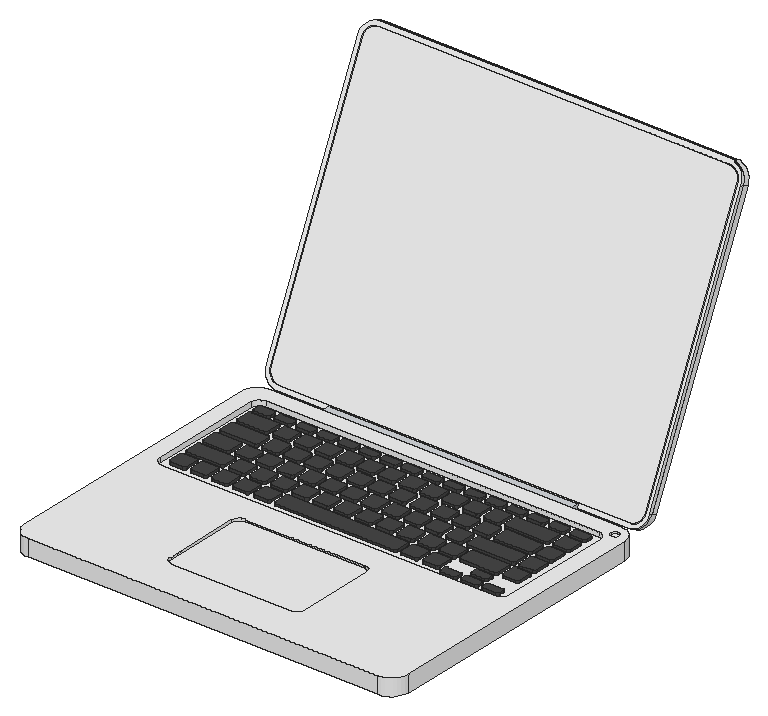
Revit family "Notebookrfa", category Generic Models, Revit 2016 (continued)
Forms (in)
  Extrusion 76, solid, material "Black Key"
    sketch origin (-11.18709, -1.625, 0.6875) x (1, 0, 0) y (0, 1, 0)
      loop
        line (5.0549, 6.08285) -> (5.0549, 5.70613)
        arc (5.0549, 5.70613) -> (5.07318, 5.66199) -> (5.11732, 5.64371) r 0.06242
        line (5.11732, 5.64371) -> (5.49166, 5.64371)
        arc (5.49166, 5.64371) -> (5.53638, 5.66223) -> (5.5549, 5.70695) r 0.06324
        line (5.5549, 5.70695) -> (5.5549, 6.08251)
        arc (5.5549, 6.08251) -> (5.53698, 6.12579) -> (5.4937, 6.14371) r 0.0612
        line (5.4937, 6.14371) -> (5.11577, 6.14371)
    from 0 to 0.0625
  Extrusion 77, solid, material "Black Key"
    sketch origin (-11.81209, -1.625, 0.6875) x (1, 0, 0) y (0, 1, 0)
      loop
        arc (5.11577, 6.14371) -> (5.07273, 6.12589) -> (5.0549, 6.08285) r 0.06086
        line (5.0549, 6.08285) -> (5.0549, 5.70613)
        arc (5.0549, 5.70613) -> (5.07318, 5.66199) -> (5.11732, 5.64371) r 0.06242
        line (5.11732, 5.64371) -> (5.49166, 5.64371)
        arc (5.49166, 5.64371) -> (5.53638, 5.66223) -> (5.5549, 5.70695) r 0.06324
        line (5.5549, 5.70695) -> (5.5549, 6.08251)
        arc (5.5549, 6.08251) -> (5.53698, 6.12579) -> (5.4937, 6.14371) r 0.0612
        line (5.4937, 6.14371) -> (5.11577, 6.14371)
    from 0 to 0.0625
  Extrusion 78, solid, material "Black Key"
    sketch origin (-9.31209, -1.625, 0.6875) x (1, 0, 0) y (0, 1, 0)
      loop
        arc (5.11577, 6.14371) -> (5.07273, 6.12589) -> (5.0549, 6.08285) r 0.06086
        line (5.0549, 6.08285) -> (5.0549, 5.70613)
        arc (5.0549, 5.70613) -> (5.07318, 5.66199) -> (5.11732, 5.64371) r 0.06242
        line (5.11732, 5.64371) -> (5.49166, 5.64371)
        arc (5.49166, 5.64371) -> (5.53638, 5.66223) -> (5.5549, 5.70695) r 0.06324
        line (5.5549, 5.70695) -> (5.5549, 6.08251)
        arc (5.5549, 6.08251) -> (5.53698, 6.12579) -> (5.4937, 6.14371) r 0.0612
        line (5.4937, 6.14371) -> (5.11577, 6.14371)
    from 0 to 0.0625
  Extrusion 79, solid, material "Black Key"
    sketch origin (-8.68709, -1.625, 0.6875) x (1, 0, 0) y (0, 1, 0)
      loop
        arc (5.11577, 6.14371) -> (5.07273, 6.12589) -> (5.0549, 6.08285) r 0.06086
        line (5.0549, 6.08285) -> (5.0549, 5.70613)
        arc (5.0549, 5.70613) -> (5.07318, 5.66199) -> (5.11732, 5.64371) r 0.06242
        line (5.11732, 5.64371) -> (5.49166, 5.64371)
        arc (5.49166, 5.64371) -> (5.53638, 5.66223) -> (5.5549, 5.70695) r 0.06324
        line (5.5549, 5.70695) -> (5.5549, 6.08251)
        arc (5.5549, 6.08251) -> (5.53698, 6.12579) -> (5.4937, 6.14371) r 0.0612
        line (5.4937, 6.14371) -> (5.11577, 6.14371)
    from 0 to 0.0625
  Extrusion 80, solid, material "Black Key"
    sketch origin (-8.06209, -1.625, 0.6875) x (1, 0, 0) y (0, 1, 0)
      loop
        arc (5.11577, 6.14371) -> (5.07273, 6.12589) -> (5.0549, 6.08285) r 0.06086
        line (5.0549, 6.08285) -> (5.0549, 5.70613)
        arc (5.0549, 5.70613) -> (5.07318, 5.66199) -> (5.11732, 5.64371) r 0.06242
        line (5.11732, 5.64371) -> (5.49166, 5.64371)
        arc (5.49166, 5.64371) -> (5.53638, 5.66223) -> (5.5549, 5.70695) r 0.06324
        line (5.5549, 5.70695) -> (5.5549, 6.08251)
        arc (5.5549, 6.08251) -> (5.53698, 6.12579) -> (5.4937, 6.14371) r 0.0612
        line (5.4937, 6.14371) -> (5.11577, 6.14371)
    from 0 to 0.0625
  Extrusion 81, solid, material "Black Key"
    sketch origin (-7.43709, -1.625, 0.6875) x (1, 0, 0) y (0, 1, 0)
      loop
        arc (5.11577, 6.14371) -> (5.07273, 6.12589) -> (5.0549, 6.08285) r 0.06086
        line (5.0549, 6.08285) -> (5.0549, 5.70613)
        arc (5.0549, 5.70613) -> (5.07318, 5.66199) -> (5.11732, 5.64371) r 0.06242
        line (5.11732, 5.64371) -> (5.49166, 5.64371)
        arc (5.49166, 5.64371) -> (5.53638, 5.66223) -> (5.5549, 5.70695) r 0.06324
        line (5.5549, 5.70695) -> (5.5549, 6.08251)
        arc (5.5549, 6.08251) -> (5.53698, 6.12579) -> (5.4937, 6.14371) r 0.0612
        line (5.4937, 6.14371) -> (5.11577, 6.14371)
    from 0 to 0.0625
  Extrusion 82, solid, material "Black Key"
    sketch origin (-6.81209, -1.625, 0.6875) x (1, 0, 0) y (0, 1, 0)
      loop
        arc (5.11577, 6.14371) -> (5.07273, 6.12589) -> (5.0549, 6.08285) r 0.06086
        line (5.0549, 6.08285) -> (5.0549, 5.70613)
        arc (5.0549, 5.70613) -> (5.07318, 5.66199) -> (5.11732, 5.64371) r 0.06242
        line (5.11732, 5.64371) -> (5.49166, 5.64371)
        arc (5.49166, 5.64371) -> (5.53638, 5.66223) -> (5.5549, 5.70695) r 0.06324
        line (5.5549, 5.70695) -> (5.5549, 6.08251)
        arc (5.5549, 6.08251) -> (5.53698, 6.12579) -> (5.4937, 6.14371) r 0.0612
        line (5.4937, 6.14371) -> (5.11577, 6.14371)
    from 0 to 0.0625
  Extrusion 83, solid, material "Black Key"
    sketch origin (-6.18709, -1.625, 0.6875) x (1, 0, 0) y (0, 1, 0)
      loop
        arc (5.11577, 6.14371) -> (5.07273, 6.12589) -> (5.0549, 6.08285) r 0.06086
        line (5.0549, 6.08285) -> (5.0549, 5.70613)
        arc (5.0549, 5.70613) -> (5.07318, 5.66199) -> (5.11732, 5.64371) r 0.06242
        line (5.11732, 5.64371) -> (5.49166, 5.64371)
        arc (5.49166, 5.64371) -> (5.53638, 5.66223) -> (5.5549, 5.70695) r 0.06324
        line (5.5549, 5.70695) -> (5.5549, 6.08251)
        arc (5.5549, 6.08251) -> (5.53698, 6.12579) -> (5.4937, 6.14371) r 0.0612
        line (5.4937, 6.14371) -> (5.11577, 6.14371)
    from 0 to 0.0625
  Extrusion 84, solid, material "Black Key"
    sketch origin (-12.43709, -1.625, 0.6875) x (1, 0, 0) y (0, 1, 0)
      loop
        arc (5.11577, 6.14371) -> (5.07273, 6.12589) -> (5.0549, 6.08285) r 0.06086
        line (5.0549, 6.08285) -> (5.0549, 5.70613)
        arc (5.0549, 5.70613) -> (5.07318, 5.66199) -> (5.11732, 5.64371) r 0.06242
        line (5.11732, 5.64371) -> (5.49166, 5.64371)
        arc (5.49166, 5.64371) -> (5.53638, 5.66223) -> (5.5549, 5.70695) r 0.06324
        line (5.5549, 5.70695) -> (5.5549, 6.08251)
        arc (5.5549, 6.08251) -> (5.53698, 6.12579) -> (5.4937, 6.14371) r 0.0612
        line (5.4937, 6.14371) -> (5.11577, 6.14371)
    from 0 to 0.0625
  Extrusion 85, solid, material "Black Key"
    sketch origin (-4, -1, 0.6875) x (1, 0, 0) y (0, 1, 0)
      loop
        arc (5.11577, 6.14371) -> (5.07273, 6.12589) -> (5.0549, 6.08285) r 0.06086
        line (5.0549, 6.08285) -> (5.0549, 5.70613)
        arc (5.0549, 5.70613) -> (5.07318, 5.66199) -> (5.11732, 5.64371) r 0.06242
        line (5.11732, 5.64371) -> (5.49166, 5.64371)
        arc (5.49166, 5.64371) -> (5.53638, 5.66223) -> (5.5549, 5.70695) r 0.06324
        line (5.5549, 5.70695) -> (5.5549, 6.08251)
        arc (5.5549, 6.08251) -> (5.53698, 6.12579) -> (5.4937, 6.14371) r 0.0612
        line (5.4937, 6.14371) -> (5.11577, 6.14371)
    from 0 to 0.0625
  Extrusion 86, solid, material "Black Key"
    sketch origin (-4, -3.24898, 0.6875) x (1, 0, 0) y (0, 1, 0)
      loop
        arc (5.11577, 6.14371) -> (5.07273, 6.12589) -> (5.0549, 6.08285) r 0.06086
        line (5.0549, 6.08285) -> (5.0549, 5.95715)
        arc (5.0549, 5.95715) -> (5.07318, 5.91301) -> (5.11732, 5.89473) r 0.06242
        line (5.11732, 5.89473) -> (5.49166, 5.89473)
        arc (5.49166, 5.89473) -> (5.53638, 5.91325) -> (5.5549, 5.95797) r 0.06324
        line (5.5549, 5.95797) -> (5.5549, 6.08251)
        arc (5.5549, 6.08251) -> (5.53698, 6.12579) -> (5.4937, 6.14371) r 0.0612
        line (5.4937, 6.14371) -> (5.11577, 6.14371)
    from 0 to 0.0625
  Extrusion 87, solid, material "Black Key"
    sketch origin (-5.25, -3.24898, 0.6875) x (1, 0, 0) y (0, 1, 0)
      loop
        arc (5.11577, 6.14371) -> (5.07273, 6.12589) -> (5.0549, 6.08285) r 0.06086
        line (5.0549, 6.08285) -> (5.0549, 5.95715)
        arc (5.0549, 5.95715) -> (5.07318, 5.91301) -> (5.11732, 5.89473) r 0.06242
        line (5.11732, 5.89473) -> (5.49166, 5.89473)
        arc (5.49166, 5.89473) -> (5.53638, 5.91325) -> (5.5549, 5.95797) r 0.06324
        line (5.5549, 5.95797) -> (5.5549, 6.08251)
        arc (5.5549, 6.08251) -> (5.53698, 6.12579) -> (5.4937, 6.14371) r 0.0612
        line (5.4937, 6.14371) -> (5.11577, 6.14371)
    from 0 to 0.0625
  Extrusion 88, solid, material "Black Key"
    sketch origin (-4.625, -3.25, 0.6875) x (1, 0, 0) y (0, 1, 0)
      loop
        arc (5.11577, 6.14371) -> (5.07273, 6.12589) -> (5.0549, 6.08285) r 0.06086
        line (5.0549, 6.08285) -> (5.0549, 5.95715)
        arc (5.0549, 5.95715) -> (5.07318, 5.91301) -> (5.11732, 5.89473) r 0.06242
        line (5.11732, 5.89473) -> (5.49166, 5.89473)
        arc (5.49166, 5.89473) -> (5.53638, 5.91325) -> (5.5549, 5.95797) r 0.06324
        line (5.5549, 5.95797) -> (5.5549, 6.08251)
        arc (5.5549, 6.08251) -> (5.53698, 6.12579) -> (5.4937, 6.14371) r 0.0612
        line (5.4937, 6.14371) -> (5.11577, 6.14371)
    from 0 to 0.0625
  Extrusion 89, void
    sketch origin (0, 0, 0.6875) x (1, 0, 0) y (0, 1, 0)
      loop
        circle (1.9299, 6.51871) r 0.125
    from 0.0357 to 0.0625
  Extrusion 90, solid
    sketch origin (0, 0, 0) x (0, 1, 0) y (0, 0, 1)
      loop
        line (7.13277, 0.60991) -> (7.18021, 0.71165) -> (6.89372, 0.71165) -> (6.89372, 0.60991) -> (7.13277, 0.60991)
    from -7.0701 to 0.3049
  Extrusion 91, solid, material "Aluminum"
    sketch origin (0, 7.04238, -0.17547) x (1, 0, 0) y (0, 0.422618, 0.906308)
      loop
        arc (2.3049, 9.25) -> (2.15845, 9.60355) -> (1.8049, 9.75) r 0.5
        line (1.8049, 9.75) -> (-8.5701, 9.75)
        arc (-8.5701, 9.75) -> (-8.92365, 9.60355) -> (-9.0701, 9.25) r 0.5
        line (-9.0701, 9.25) -> (-9.0701, 1.25)
        arc (-9.0701, 1.25) -> (-8.92365, 0.89645) -> (-8.5701, 0.75) r 0.5
        line (-8.5701, 0.75) -> (1.8049, 0.75)
        arc (1.8049, 0.75) -> (2.15845, 0.89645) -> (2.3049, 1.25) r 0.5
        line (2.3049, 1.25) -> (2.3049, 9.25)
      loop
        spline (-3.59328, 6.15828) -> (-3.59906, 6.11702) -> (-3.6013, 6.07794) -> (-3.60001, 6.04103) -> (-3.59518, 6.00629) -> (-3.58682, 5.97373) -> (-3.57493, 5.94334) -> (-3.55949, 5.91512) -> (-3.54053, 5.88908) -> (-3.51802, 5.86521) -> (-3.49199, 5.84351) -> (-3.46241, 5.82399) -> (-3.42931, 5.80664)
        spline (-3.42931, 5.80664) -> (-3.42131, 5.84316) -> (-3.41726, 5.87836) -> (-3.41715, 5.91225) -> (-3.42097, 5.94483) -> (-3.42872, 5.9761) -> (-3.44042, 6.00606) -> (-3.45605, 6.03471) -> (-3.47562, 6.06205) -> (-3.49913, 6.08807) -> (-3.52658, 6.11279) -> (-3.55796, 6.13619) -> (-3.59328, 6.15828)
      loop
        spline (-3.47661, 5.74751) -> (-3.52176, 5.75028) -> (-3.57431, 5.76211) -> (-3.63007, 5.77774) -> (-3.68491, 5.79194) -> (-3.73468, 5.7995) -> (-3.77728, 5.79809) -> (-3.81366, 5.78973) -> (-3.84502, 5.7768) -> (-3.87256, 5.76167) -> (-3.89768, 5.74641) -> (-3.92401, 5.72915) -> (-3.9567, 5.7055)
        spline (-3.9567, 5.7055) -> (-3.96422, 5.69766) -> (-3.97145, 5.68947) -> (-3.9784, 5.68092) -> (-3.98506, 5.67201) -> (-3.99144, 5.66275) -> (-3.99753, 5.65314) -> (-4.00334, 5.64316) -> (-4.00886, 5.63284) -> (-4.01409, 5.62215) -> (-4.01904, 5.61112) -> (-4.02371, 5.59972) -> (-4.02808, 5.58798)
        arc (-4.02808, 5.58798) -> (-3.81532, 5.35451) -> (-4.00104, 5.09901) r 0.25
        line (-4.00104, 5.09901) -> (-3.91327, 4.87692)
        spline (-3.91327, 4.87692) -> (-3.89509, 4.84998) -> (-3.87074, 4.82166) -> (-3.84136, 4.79419) -> (-3.80805, 4.76984) -> (-3.77196, 4.75086) -> (-3.73419, 4.73946) -> (-3.69538, 4.7362) -> (-3.6553, 4.73888) -> (-3.61367, 4.74505) -> (-3.5702, 4.75225) -> (-3.52461, 4.75802) -> (-3.47661, 4.75992)
        spline (-3.47661, 4.75992) -> (-3.4286, 4.75802) -> (-3.38301, 4.75225) -> (-3.33954, 4.74505) -> (-3.29791, 4.73888) -> (-3.25783, 4.7362) -> (-3.21902, 4.73946) -> (-3.18125, 4.75086) -> (-3.14516, 4.76984) -> (-3.11185, 4.79419) -> (-3.08247, 4.82166) -> (-3.05812, 4.84998) -> (-3.03994, 4.87692)
        spline (-3.03994, 4.87692) -> (-2.99739, 4.95961) -> (-2.96283, 5.03449) -> (-2.93556, 5.10384) -> (-2.91488, 5.16994) -> (-2.90008, 5.23506) -> (-2.89046, 5.30147) -> (-2.88554, 5.37112) -> (-2.88666, 5.44304) -> (-2.89607, 5.51484) -> (-2.91601, 5.58412) -> (-2.94874, 5.64847) -> (-2.99651, 5.7055)
        spline (-2.99651, 5.7055) -> (-3.02664, 5.7282) -> (-3.04281, 5.73996) -> (-3.06006, 5.75139) -> (-3.08473, 5.76509) -> (-3.11713, 5.77809) -> (-3.15746, 5.7873) -> (-3.20589, 5.78963) -> (-3.26174, 5.78336) -> (-3.32122, 5.77171) -> (-3.37985, 5.75897) -> (-3.43314, 5.74947) -> (-3.47661, 5.74751)
    from 0 to 0.1875
  Extrusion 92, solid, material "Apple Logo"
    sketch origin (-14.25, 7.30767, 0.39345) x (1, 0, 0) y (0, 0.422618, 0.906308)
      loop
        spline (10.82069, 5.1789) -> (10.82869, 5.21542) -> (10.83274, 5.25062) -> (10.83285, 5.28451) -> (10.82903, 5.31709) -> (10.82128, 5.34836) -> (10.80958, 5.37832) -> (10.79395, 5.40697) -> (10.77438, 5.43431) -> (10.75087, 5.46033) -> (10.72342, 5.48505) -> (10.69204, 5.50845) -> (10.65672, 5.53054)
        spline (10.65672, 5.53054) -> (10.65094, 5.48929) -> (10.6487, 5.4502) -> (10.64999, 5.41329) -> (10.65482, 5.37856) -> (10.66318, 5.34599) -> (10.67507, 5.3156) -> (10.69051, 5.28739) -> (10.70947, 5.26134) -> (10.73198, 5.23747) -> (10.75801, 5.21578) -> (10.78759, 5.19625) -> (10.82069, 5.1789)
      loop
        spline (10.2933, 5.07777) -> (10.28578, 5.06993) -> (10.27855, 5.06173) -> (10.2716, 5.05318) -> (10.26494, 5.04428) -> (10.25856, 5.03501) -> (10.25247, 5.0254) -> (10.24666, 5.01543) -> (10.24114, 5.0051) -> (10.23591, 4.99442) -> (10.23096, 4.98338) -> (10.22629, 4.97199) -> (10.22192, 4.96024)
        arc (10.22192, 4.96024) -> (10.43468, 4.72678) -> (10.24896, 4.47127) r 0.25
        line (10.24896, 4.47127) -> (10.33673, 4.24919)
        spline (10.33673, 4.24919) -> (10.35491, 4.22225) -> (10.37926, 4.19392) -> (10.40864, 4.16646) -> (10.44195, 4.14211) -> (10.47804, 4.12312) -> (10.51581, 4.11172) -> (10.55462, 4.10846) -> (10.5947, 4.11114) -> (10.63633, 4.11731) -> (10.6798, 4.12451) -> (10.72539, 4.13029) -> (10.77339, 4.13218)
        spline (10.77339, 4.13218) -> (10.8214, 4.13029) -> (10.86699, 4.12451) -> (10.91046, 4.11731) -> (10.95209, 4.11114) -> (10.99217, 4.10846) -> (11.03098, 4.11172) -> (11.06875, 4.12312) -> (11.10484, 4.14211) -> (11.13815, 4.16646) -> (11.16753, 4.19392) -> (11.19188, 4.22225) -> (11.21006, 4.24919)
        spline (11.21006, 4.24919) -> (11.25261, 4.33187) -> (11.28717, 4.40675) -> (11.31444, 4.4761) -> (11.33512, 4.5422) -> (11.34992, 4.60732) -> (11.35954, 4.67374) -> (11.36446, 4.74338) -> (11.36334, 4.8153) -> (11.35393, 4.8871) -> (11.33399, 4.95638) -> (11.30126, 5.02074) -> (11.25349, 5.07777)
        spline (11.25349, 5.07777) -> (11.22336, 5.10046) -> (11.20719, 5.11222) -> (11.18994, 5.12365) -> (11.16527, 5.13735) -> (11.13287, 5.15036) -> (11.09254, 5.15957) -> (11.04411, 5.16189) -> (10.98826, 5.15563) -> (10.92878, 5.14397) -> (10.87015, 5.13124) -> (10.81686, 5.12173) -> (10.77339, 5.11977)
        spline (10.77339, 5.11977) -> (10.72824, 5.12254) -> (10.67569, 5.13437) -> (10.61993, 5.15001) -> (10.56509, 5.16421) -> (10.51532, 5.17177) -> (10.47272, 5.17036) -> (10.43634, 5.16199) -> (10.40498, 5.14906) -> (10.37744, 5.13393) -> (10.35232, 5.11867) -> (10.32599, 5.10141) -> (10.2933, 5.07777)
    from 0 to 0.1875
  Extrusion 93, solid, material "Screen"
    sketch origin (0, 6.89401, -0.10629) x (1, 0, 0) y (0, 0.422618, 0.906308)
      loop
        line (-8.9451, 9.25) -> (-8.9451, 1.25)
        arc (-8.9451, 1.25) -> (-8.83526, 0.98483) -> (-8.5701, 0.875) r 0.375
        line (-8.5701, 0.875) -> (1.8049, 0.875)
        arc (1.8049, 0.875) -> (2.07007, 0.98483) -> (2.1799, 1.25) r 0.375
        line (2.1799, 1.25) -> (2.1799, 9.25)
        arc (2.1799, 9.25) -> (2.07007, 9.51517) -> (1.8049, 9.625) r 0.375
        line (1.8049, 9.625) -> (-8.5701, 9.625)
        arc (-8.5701, 9.625) -> (-8.83526, 9.51517) -> (-8.9451, 9.25) r 0.375
    from 0.02379 to 0.08629
Cuts and joins
  Extrusion 2, Extrusion 3, Extrusion 89 cuts Extrusion 1
Lines and regions (in)
  model lines
    curve 1: line (0, 7.13277, 0.60991) -> (0, 6.89372, 0.60991)
